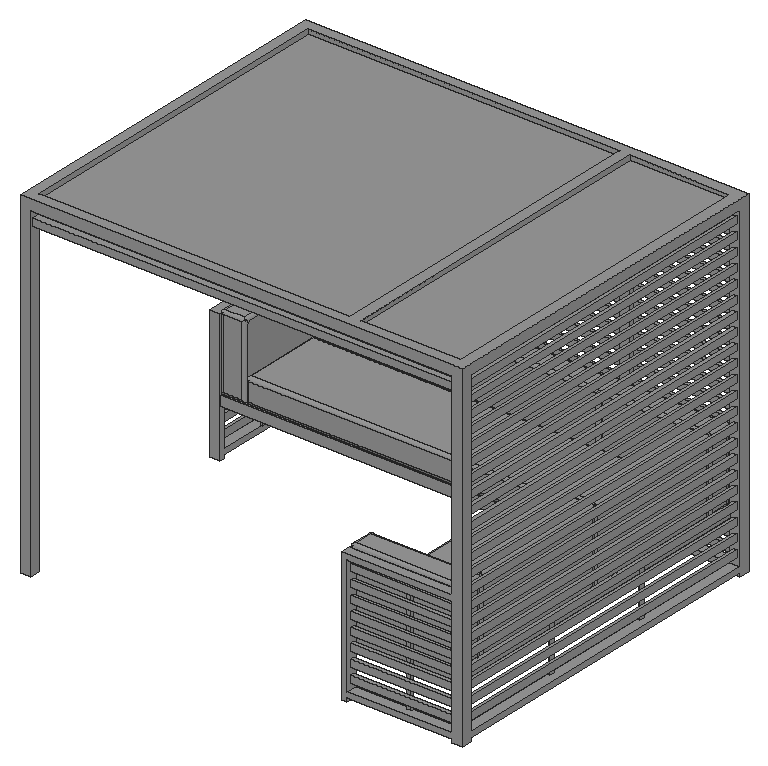
Revit family "Пергола «Параллель» 2 Арт 15935", category Антураж, Revit 2018
Family settings
  На основе рабочей плоскости = Нет
  Всегда вертикально = Да
  При загрузке вырезать с полостями = Нет
  Источник визуального образа = Геометрия семейства
  Общий = Нет
  Точка расчета площади = Нет
Parameters (values of type "Пергола «Параллель» 2. Версия без дополнительной перегородки")
  Ширина = 2610 mm  # constant formula
  Цвет реек = Дерево
  Цвет каркаса = Сталь
  Цвет дивана = Ткань
  С перегородкой = no
  Описание = if(С перегородкой, "Пергола «Параллель» 2. Версия с перегородкой", "Пергола «Параллель» 2. Версия без дополнительной перегородки")  # "Пергола «Параллель» 2. Версия без дополнительной перегородки"
  Материал изделия = "Сталь, дерево, текстиль"  # constant formula
  Изображение типоразмера = Пергола «Параллель» 2 Арт 15935 без дополнительной перегородки.jpg
  Изготовитель = "ООО «Хоббика»"  # constant formula
  Длина = 2110 mm  # constant formula
  Группа модели = "Навесы, перголы и ротонды"  # constant formula
  Высота = 2000 mm  # constant formula
  Без дополнительной перегородки = not(С перегородкой)  # yes
  Артикул товара = "Арт. 15935"  # constant formula
  URL = "https://hobbyka.ru/product/pergola_parallel_2/"
Types (3, lengths in mm): name | С перегородкой | Описание | Изображение типоразмера | Без дополнительной перегородки
  (no name) | no | "Пергола «Параллель» 2. Версия без дополнительной перегородки" | Пергола «Параллель» 2 Арт 15935 без дополнительной перегородки.jpg | yes
  Пергола «Параллель» 2. Версия с перегородкой | yes | "Пергола «Параллель» 2. Версия с перегородкой" | Пергола «Параллель» 2 Арт 15935 с перегородкой.jpg | no
  Пергола «Параллель» 2. Версия без дополнительной перегородки | no | "Пергола «Параллель» 2. Версия без дополнительной перегородки" | Пергола «Параллель» 2 Арт 15935 без дополнительной перегородки.jpg | yes
Reference planes
  plane 1 "По центру (Вперед/Назад)": y = 0
  plane 2: z = 0
  plane 3 "По центру (Влево/Вправо)": x = 0
  plane 4: y = 2110
  plane 5: x = 2610
  plane 6: z = 2000
Forms (mm)
  Extrusion 1, solid, material "Сталь" <- "Цвет каркаса"
    sketch origin (0, 0, 0) x (0, 1, 0) y (0, 0, 1)
      loop
        line (2110, 0) -> (2110, 2000) -> (0, 2000) -> (0, 0) -> (60, 0) -> (60, 1940) -> (2050, 1940) -> (2050, 0) -> (2110, 0)
    from 0 to 60
  Extrusion 2, solid, material "Сталь" <- "Цвет каркаса"
    sketch origin (0, 0, 0) x (0, 1, 0) y (0, 0, 1)
      loop
        line (2110, 0) -> (2110, 2000) -> (0, 2000) -> (0, 0) -> (60, 0) -> (60, 1940) -> (2050, 1940) -> (2050, 0) -> (2110, 0)
    from 2550 to 2610
  Extrusion 3, solid, material "Сталь" <- "Цвет каркаса"
    sketch origin (0, 0, 0) x (0, 1, 0) y (0, 0, 1)
      loop
        line (2110, 0) -> (2110, 2000) -> (0, 2000) -> (0, 1940) -> (2050, 1940) -> (2050, 0) -> (2110, 0)
    from 1900 to 1960
  Extrusion 4, solid, material "Сталь" <- "Цвет каркаса"
    sketch origin (0, 0, 0) x (1, 0, 0) y (0, 1, 0)
      loop
        line (0, 2110) -> (0, 2050) -> (2610, 2050) -> (2610, 2110) -> (0, 2110)
      loop
        line (2610, 0) -> (2610, 60) -> (0, 60) -> (0, 0) -> (2610, 0)
    from 1940 to 2000
  Extrusion 5, solid, material "Сталь" <- "Цвет каркаса"
    sketch origin (0, 0, 0) x (1, 0, 0) y (0, 0, 1)
      loop
        line (2550, 20) -> (2550, 50) -> (1930, 50) -> (1930, 750) -> (2550, 750) -> (2550, 780) -> (1898.983, 780) -> (1898.983, 0) -> (1930, 0) -> (1930, 20) -> (2550, 20)
    from 0 to -60
  Extrusion 6, solid, material "Сталь" <- "Цвет каркаса"
    sketch origin (0, 0, 0) x (1, 0, 0) y (0, 1, 0)
      loop
        line (0, 2110) -> (0, 2050) -> (2550, 2050) -> (2550, 0) -> (2610, 0) -> (2610, 2110) -> (0, 2110)
    from 20 to 50
  Extrusion 7, solid, material "Сталь" <- "Цвет каркаса"
    sketch origin (0, 0, 0) x (1, 0, 0) y (0, 1, 0)
      loop
        line (60, 1400) -> (1900, 1400) -> (1900, 60) -> (2550, 60) -> (2550, 2050) -> (60, 2050) -> (60, 1400)
      loop
        line (90, 1430) -> (1930, 1430) -> (1930, 90) -> (2520, 90) -> (2520, 2020) -> (90, 2020) -> (90, 1430)
    from 290 to 350
  Extrusion 8, solid, material "Сталь" <- "Цвет каркаса"
    sketch origin (0, 0, 0) x (0, 1, 0) y (0, 0, 1)
      loop
        line (1400, 290) -> (1400, 0) -> (1430, 0) -> (1430, 20) -> (2050, 20) -> (2050, 50) -> (1430, 50) -> (1430, 290) -> (1400, 290)
    from 1900 to 1960
  Extrusion 9, solid, material "Сталь" <- "Цвет каркаса"
    sketch origin (0, 0, 0) x (1, 0, 0) y (0, 1, 0)
      loop
        line (2242.5, 60) -> (2242.5, 50) -> (2267.5, 50) -> (2267.5, 60) -> (2242.5, 60)
      loop
        line (50, 1737.5) -> (50, 1712.5) -> (60, 1712.5) -> (60, 1737.5) -> (50, 1737.5)
    from 50 to 750
  Extrusion 10, solid, material "Сталь" <- "Цвет каркаса"
    sketch origin (0, 0, 0) x (1, 0, 0) y (0, 1, 0)
      loop
        line (654.833, 2060) -> (654.833, 2050) -> (679.833, 2050) -> (679.833, 2060) -> (654.833, 2060)
      loop
        line (1280.167, 2060) -> (1280.167, 2050) -> (1305.167, 2050) -> (1305.167, 2060) -> (1280.167, 2060)
      loop
        line (2242.5, 2060) -> (2242.5, 2050) -> (2267.5, 2050) -> (2267.5, 2060) -> (2242.5, 2060)
      loop
        line (2550, 1399.167) -> (2550, 1374.167) -> (2560, 1374.167) -> (2560, 1399.167) -> (2550, 1399.167)
      loop
        line (2550, 735.833) -> (2550, 710.833) -> (2560, 710.833) -> (2560, 735.833) -> (2550, 735.833)
    from 50 to 350
  Extrusion 11, solid, material "Дерево" <- "Цвет реек"
    sketch origin (0, 0, 0) x (1, 0, 0) y (0, 1, 0)
      loop
        line (60, 2050) -> (60, 60) -> (1900, 60) -> (1900, 2050) -> (60, 2050)
      loop
        line (1960, 2050) -> (1960, 60) -> (2550, 60) -> (2550, 2050) -> (1960, 2050)
    from 1950 to 1975
  Extrusion 12, solid, material "Дерево" <- "Цвет реек"
    sketch origin (0, 0, 0) x (1, 0, 0) y (0, 1, 0)
      loop
        line (10, 2050) -> (10, 60) -> (50, 60) -> (50, 2050) -> (10, 2050)
      loop
        line (60, 50) -> (60, 10) -> (2550, 10) -> (2550, 50) -> (60, 50)
    from 1856 to 1898
  Extrusion 13, solid, material "Дерево" <- "Цвет реек"
    sketch origin (0, 0, 0) x (0, 1, 0) y (0, 0, 1)
      loop
        line (2090, 1898) -> (2070, 1898) -> (2070, 1856) -> (2090, 1856) -> (2090, 1898)
      loop
        line (2090, 1814) -> (2070, 1814) -> (2070, 1772) -> (2090, 1772) -> (2090, 1814)
      loop
        line (2090, 1730) -> (2070, 1730) -> (2070, 1688) -> (2090, 1688) -> (2090, 1730)
      loop
        line (2090, 1646) -> (2070, 1646) -> (2070, 1604) -> (2090, 1604) -> (2090, 1646)
      loop
        line (2090, 1562) -> (2070, 1562) -> (2070, 1520) -> (2090, 1520) -> (2090, 1562)
      loop
        line (2090, 1478) -> (2070, 1478) -> (2070, 1436) -> (2090, 1436) -> (2090, 1478)
      loop
        line (2090, 1394) -> (2070, 1394) -> (2070, 1352) -> (2090, 1352) -> (2090, 1394)
      loop
        line (2090, 1310) -> (2070, 1310) -> (2070, 1268) -> (2090, 1268) -> (2090, 1310)
      loop
        line (2090, 1226) -> (2070, 1226) -> (2070, 1184) -> (2090, 1184) -> (2090, 1226)
      loop
        line (2090, 1142) -> (2070, 1142) -> (2070, 1100) -> (2090, 1100) -> (2090, 1142)
      loop
        line (2090, 1058) -> (2070, 1058) -> (2070, 1016) -> (2090, 1016) -> (2090, 1058)
      loop
        line (2090, 974) -> (2070, 974) -> (2070, 932) -> (2090, 932) -> (2090, 974)
      loop
        line (2090, 890) -> (2070, 890) -> (2070, 848) -> (2090, 848) -> (2090, 890)
      loop
        line (2090, 806) -> (2070, 806) -> (2070, 764) -> (2090, 764) -> (2090, 806)
      loop
        line (2090, 722) -> (2070, 722) -> (2070, 680) -> (2090, 680) -> (2090, 722)
      loop
        line (2090, 638) -> (2070, 638) -> (2070, 596) -> (2090, 596) -> (2090, 638)
      loop
        line (2090, 554) -> (2070, 554) -> (2070, 512) -> (2090, 512) -> (2090, 554)
      loop
        line (2090, 470) -> (2070, 470) -> (2070, 428) -> (2090, 428) -> (2090, 470)
      loop
        line (2090, 386) -> (2070, 386) -> (2070, 344) -> (2090, 344) -> (2090, 386)
      loop
        line (2090, 302) -> (2070, 302) -> (2070, 260) -> (2090, 260) -> (2090, 302)
      loop
        line (2090, 218) -> (2070, 218) -> (2070, 176) -> (2090, 176) -> (2090, 218)
      loop
        line (2090, 134) -> (2070, 134) -> (2070, 92) -> (2090, 92) -> (2090, 134)
    from 60 to 1898.983
  Extrusion 14, solid, material "Дерево" <- "Цвет реек"
    sketch origin (0, 0, 0) x (0, 1, 0) y (0, 0, 1)
      loop
        line (2090, 1898) -> (2070, 1898) -> (2070, 1856) -> (2090, 1856) -> (2090, 1898)
      loop
        line (2090, 1814) -> (2070, 1814) -> (2070, 1772) -> (2090, 1772) -> (2090, 1814)
      loop
        line (2090, 1730) -> (2070, 1730) -> (2070, 1688) -> (2090, 1688) -> (2090, 1730)
      loop
        line (2090, 1646) -> (2070, 1646) -> (2070, 1604) -> (2090, 1604) -> (2090, 1646)
      loop
        line (2090, 1562) -> (2070, 1562) -> (2070, 1520) -> (2090, 1520) -> (2090, 1562)
      loop
        line (2090, 1478) -> (2070, 1478) -> (2070, 1436) -> (2090, 1436) -> (2090, 1478)
      loop
        line (2090, 1394) -> (2070, 1394) -> (2070, 1352) -> (2090, 1352) -> (2090, 1394)
      loop
        line (2090, 1310) -> (2070, 1310) -> (2070, 1268) -> (2090, 1268) -> (2090, 1310)
      loop
        line (2090, 1226) -> (2070, 1226) -> (2070, 1184) -> (2090, 1184) -> (2090, 1226)
      loop
        line (2090, 1142) -> (2070, 1142) -> (2070, 1100) -> (2090, 1100) -> (2090, 1142)
      loop
        line (2090, 1058) -> (2070, 1058) -> (2070, 1016) -> (2090, 1016) -> (2090, 1058)
      loop
        line (2090, 974) -> (2070, 974) -> (2070, 932) -> (2090, 932) -> (2090, 974)
      loop
        line (2090, 890) -> (2070, 890) -> (2070, 848) -> (2090, 848) -> (2090, 890)
      loop
        line (2090, 806) -> (2070, 806) -> (2070, 764) -> (2090, 764) -> (2090, 806)
      loop
        line (2090, 722) -> (2070, 722) -> (2070, 680) -> (2090, 680) -> (2090, 722)
      loop
        line (2090, 638) -> (2070, 638) -> (2070, 596) -> (2090, 596) -> (2090, 638)
      loop
        line (2090, 554) -> (2070, 554) -> (2070, 512) -> (2090, 512) -> (2090, 554)
      loop
        line (2090, 470) -> (2070, 470) -> (2070, 428) -> (2090, 428) -> (2090, 470)
      loop
        line (2090, 386) -> (2070, 386) -> (2070, 344) -> (2090, 344) -> (2090, 386)
      loop
        line (2090, 302) -> (2070, 302) -> (2070, 260) -> (2090, 260) -> (2090, 302)
      loop
        line (2090, 218) -> (2070, 218) -> (2070, 176) -> (2090, 176) -> (2090, 218)
      loop
        line (2090, 134) -> (2070, 134) -> (2070, 92) -> (2090, 92) -> (2090, 134)
    from 1960 to 2550
  Extrusion 15, solid, material "Дерево" <- "Цвет реек"
    sketch origin (0, -2050, 0) x (0, 1, 0) y (0, 0, 1)
      loop
        line (2090, 722) -> (2070, 722) -> (2070, 680) -> (2090, 680) -> (2090, 722)
      loop
        line (2090, 638) -> (2070, 638) -> (2070, 596) -> (2090, 596) -> (2090, 638)
      loop
        line (2090, 554) -> (2070, 554) -> (2070, 512) -> (2090, 512) -> (2090, 554)
      loop
        line (2090, 470) -> (2070, 470) -> (2070, 428) -> (2090, 428) -> (2090, 470)
      loop
        line (2090, 386) -> (2070, 386) -> (2070, 344) -> (2090, 344) -> (2090, 386)
      loop
        line (2090, 302) -> (2070, 302) -> (2070, 260) -> (2090, 260) -> (2090, 302)
      loop
        line (2090, 218) -> (2070, 218) -> (2070, 176) -> (2090, 176) -> (2090, 218)
      loop
        line (2090, 134) -> (2070, 134) -> (2070, 92) -> (2090, 92) -> (2090, 134)
    from 1930 to 2550
  Extrusion 16, solid, material "Дерево" <- "Цвет реек"
    sketch origin (0, 0, 0) x (1, 0, 0) y (0, 0, 1)
      loop
        line (2570, 1898) -> (2570, 1856) -> (2590, 1856) -> (2590, 1898) -> (2570, 1898)
      loop
        line (2570, 1814) -> (2570, 1772) -> (2590, 1772) -> (2590, 1814) -> (2570, 1814)
      loop
        line (2570, 1730) -> (2570, 1688) -> (2590, 1688) -> (2590, 1730) -> (2570, 1730)
      loop
        line (2570, 1646) -> (2570, 1604) -> (2590, 1604) -> (2590, 1646) -> (2570, 1646)
      loop
        line (2570, 1562) -> (2570, 1520) -> (2590, 1520) -> (2590, 1562) -> (2570, 1562)
      loop
        line (2570, 1478) -> (2570, 1436) -> (2590, 1436) -> (2590, 1478) -> (2570, 1478)
      loop
        line (2570, 1394) -> (2570, 1352) -> (2590, 1352) -> (2590, 1394) -> (2570, 1394)
      loop
        line (2570, 1310) -> (2570, 1268) -> (2590, 1268) -> (2590, 1310) -> (2570, 1310)
      loop
        line (2570, 1226) -> (2570, 1184) -> (2590, 1184) -> (2590, 1226) -> (2570, 1226)
      loop
        line (2570, 1142) -> (2570, 1100) -> (2590, 1100) -> (2590, 1142) -> (2570, 1142)
      loop
        line (2570, 1058) -> (2570, 1016) -> (2590, 1016) -> (2590, 1058) -> (2570, 1058)
      loop
        line (2570, 974) -> (2570, 932) -> (2590, 932) -> (2590, 974) -> (2570, 974)
      loop
        line (2570, 890) -> (2570, 848) -> (2590, 848) -> (2590, 890) -> (2570, 890)
      loop
        line (2570, 806) -> (2570, 764) -> (2590, 764) -> (2590, 806) -> (2570, 806)
      loop
        line (2570, 722) -> (2570, 680) -> (2590, 680) -> (2590, 722) -> (2570, 722)
      loop
        line (2570, 638) -> (2570, 596) -> (2590, 596) -> (2590, 638) -> (2570, 638)
      loop
        line (2570, 554) -> (2570, 512) -> (2590, 512) -> (2590, 554) -> (2570, 554)
      loop
        line (2570, 470) -> (2570, 428) -> (2590, 428) -> (2590, 470) -> (2570, 470)
      loop
        line (2570, 386) -> (2570, 344) -> (2590, 344) -> (2590, 386) -> (2570, 386)
      loop
        line (2570, 302) -> (2570, 260) -> (2590, 260) -> (2590, 302) -> (2570, 302)
      loop
        line (2570, 218) -> (2570, 176) -> (2590, 176) -> (2590, 218) -> (2570, 218)
      loop
        line (2570, 134) -> (2570, 92) -> (2590, 92) -> (2590, 134) -> (2570, 134)
    from -60 to -2050
  Extrusion 17, solid, material "Сталь" <- "Цвет каркаса", visible <- "С перегородкой"
    sketch origin (0, 0, 0) x (1, 0, 0) y (0, 0, 1)
      loop
        line (0, 50) -> (0, 20) -> (60, 20) -> (60, 50) -> (0, 50)
      loop
        line (60, 780) -> (0, 780) -> (0, 750) -> (60, 750) -> (60, 780)
    from -60 to -2050
  Extrusion 18, solid, material "Дерево" <- "Цвет реек", visible <- "С перегородкой"
    sketch origin (-2550, 0, 0) x (1, 0, 0) y (0, 0, 1)
      loop
        line (2570, 722) -> (2570, 680) -> (2590, 680) -> (2590, 722) -> (2570, 722)
      loop
        line (2570, 638) -> (2570, 596) -> (2590, 596) -> (2590, 638) -> (2570, 638)
      loop
        line (2570, 554) -> (2570, 512) -> (2590, 512) -> (2590, 554) -> (2570, 554)
      loop
        line (2570, 470) -> (2570, 428) -> (2590, 428) -> (2590, 470) -> (2570, 470)
      loop
        line (2570, 386) -> (2570, 344) -> (2590, 344) -> (2590, 386) -> (2570, 386)
      loop
        line (2570, 302) -> (2570, 260) -> (2590, 260) -> (2590, 302) -> (2570, 302)
      loop
        line (2570, 218) -> (2570, 176) -> (2590, 176) -> (2590, 218) -> (2570, 218)
      loop
        line (2570, 134) -> (2570, 92) -> (2590, 92) -> (2590, 134) -> (2570, 134)
    from -60 to -2050
  Extrusion 19, solid, material "Сталь" <- "Цвет каркаса", visible <- "Без дополнительной перегородки"
    sketch origin (0, 0, 0) x (0, 1, 0) y (0, 0, 1)
      loop
        line (2050, 780) -> (1400, 780) -> (1400, 0) -> (1430, 0) -> (1430, 20) -> (2050, 20) -> (2050, 50) -> (1430, 50) -> (1430, 750) -> (2050, 750) -> (2050, 780)
    from 0 to 60
  Extrusion 20, solid, material "Дерево" <- "Цвет реек", visible <- "Без дополнительной перегородки"
    sketch origin (-2550, 0, 0) x (1, 0, 0) y (0, 0, 1)
      loop
        line (2570, 722) -> (2570, 680) -> (2590, 680) -> (2590, 722) -> (2570, 722)
      loop
        line (2570, 638) -> (2570, 596) -> (2590, 596) -> (2590, 638) -> (2570, 638)
      loop
        line (2570, 554) -> (2570, 512) -> (2590, 512) -> (2590, 554) -> (2570, 554)
      loop
        line (2570, 470) -> (2570, 428) -> (2590, 428) -> (2590, 470) -> (2570, 470)
      loop
        line (2570, 386) -> (2570, 344) -> (2590, 344) -> (2590, 386) -> (2570, 386)
      loop
        line (2570, 302) -> (2570, 260) -> (2590, 260) -> (2590, 302) -> (2570, 302)
      loop
        line (2570, 218) -> (2570, 176) -> (2590, 176) -> (2590, 218) -> (2570, 218)
      loop
        line (2570, 134) -> (2570, 92) -> (2590, 92) -> (2590, 134) -> (2570, 134)
    from -1430 to -2050
Cuts and joins
  joined: Extrusion 1, Extrusion 2, Extrusion 3, Extrusion 4, Extrusion 5, Extrusion 6
Dimensions and locks
  "Ширина": plane 3 "По центру (Влево/Вправо)" to plane 5
  "Длина": plane 4 to plane 1 "По центру (Вперед/Назад)"
  "Высота": plane 6 to plane 2
  aligned and locked: level to plane 2
Automatic sketch dimensions
  Extrusion 1 sketch curve to level = 0 mm
  Extrusion 1 sketch curve to plane 1 "По центру (Вперед/Назад)" = 0 mm
  level to Extrusion 1 sketch curve = 0 mm
  Extrusion 1 sketch curve to plane 4 = 0 mm
  Extrusion 1 sketch curve to plane 6 = 0 mm
  Extrusion 1 sketch curve to plane 1 "По центру (Вперед/Назад)" = 60 mm
  Extrusion 1 sketch curve to plane 4 = 60 mm
  Extrusion 1 sketch curve to plane 6 = 60 mm
  Extrusion 2 sketch curve to level = 0 mm
  Extrusion 2 sketch curve to plane 1 "По центру (Вперед/Назад)" = 0 mm
  level to Extrusion 2 sketch curve = 0 mm
  Extrusion 2 sketch curve to plane 4 = 0 mm
  Extrusion 2 sketch curve to plane 6 = 0 mm
  Extrusion 2 sketch curve to plane 1 "По центру (Вперед/Назад)" = 60 mm
  Extrusion 2 sketch curve to plane 4 = 60 mm
  Extrusion 2 sketch curve to plane 6 = 60 mm
  Extrusion 3 sketch curve to plane 1 "По центру (Вперед/Назад)" = 0 mm
  level to Extrusion 3 sketch curve = 0 mm
  Extrusion 3 sketch curve to plane 4 = 0 mm
  Extrusion 3 sketch curve to plane 6 = 0 mm
  Extrusion 3 sketch curve to plane 4 = 60 mm
  Extrusion 3 sketch curve to plane 6 = 60 mm
  Extrusion 4 sketch curve to plane 3 "По центру (Влево/Вправо)" = 0 mm  (x2)
  Extrusion 4 sketch curve to plane 5 = 0 mm  (x2)
  plane 1 "По центру (Вперед/Назад)" to Extrusion 4 sketch curve = 0 mm
  Extrusion 4 sketch curve to plane 4 = 0 mm
  Extrusion 4 sketch curve to plane 1 "По центру (Вперед/Назад)" = 60 mm
  Extrusion 4 sketch curve to Extrusion 4 sketch curve = 60 mm
  Extrusion 5 sketch curve to level = 0 mm
  Extrusion 5 sketch curve to plane 5 = 711.017 mm
  Extrusion 5 sketch curve to Extrusion 5 sketch curve = 31.017 mm
  Extrusion 5 sketch curve to Extrusion 5 sketch curve = 0 mm
  level to Extrusion 5 sketch curve = 20 mm
  Extrusion 5 sketch curve to plane 5 = 60 mm  (x2)
  Extrusion 5 sketch curve to Extrusion 5 sketch curve = 30 mm  (x2)
  Extrusion 5 sketch curve to Extrusion 5 sketch curve = 700 mm
  Extrusion 6 sketch curve to plane 3 "По центру (Влево/Вправо)" = 0 mm
  plane 1 "По центру (Вперед/Назад)" to Extrusion 6 sketch curve = 0 mm
  plane 4 to Extrusion 6 sketch curve = 0 mm
  Extrusion 6 sketch curve to plane 5 = 0 mm
  Extrusion 6 sketch curve to plane 5 = 60 mm
  Extrusion 6 sketch curve to Extrusion 6 sketch curve = 60 mm
  plane 3 "По центру (Влево/Вправо)" to Extrusion 7 sketch curve = 60 mm
  Extrusion 7 sketch curve to Extrusion 7 sketch curve = 30 mm  (x6)
  Extrusion 7 sketch curve to plane 5 = 710 mm
  Extrusion 7 sketch curve to plane 5 = 90 mm
  Extrusion 7 sketch curve to plane 1 "По центру (Вперед/Назад)" = 60 mm
  Extrusion 7 sketch curve to plane 4 = 710 mm
  Extrusion 7 sketch curve to plane 4 = 90 mm
  Extrusion 8 sketch curve to level = 0 mm
  level to Extrusion 8 sketch curve = 290 mm
  Extrusion 8 sketch curve to plane 4 = 710 mm
  Extrusion 8 sketch curve to Extrusion 8 sketch curve = 30 mm  (x3)
  level to Extrusion 8 sketch curve = 20 mm
  Extrusion 8 sketch curve to plane 4 = 60 mm
  plane 3 "По центру (Влево/Вправо)" to Extrusion 9 sketch curve = 50 mm
  Extrusion 9 sketch curve to Extrusion 9 sketch curve = 10 mm  (x2)
  Extrusion 9 sketch curve to plane 1 "По центру (Вперед/Назад)" = 50 mm
  Extrusion 9 sketch curve to plane 5 = 367.5 mm
  Extrusion 9 sketch curve to Extrusion 9 sketch curve = 25 mm  (x2)
  Extrusion 9 sketch curve to plane 4 = 397.5 mm
  Extrusion 10 sketch curve to plane 4 = 50 mm  (x3)
  plane 3 "По центру (Влево/Вправо)" to Extrusion 10 sketch curve = 654.833 mm
  Extrusion 10 sketch curve to Extrusion 10 sketch curve = 25 mm  (x5)
  Extrusion 10 sketch curve to Extrusion 10 sketch curve = 600.333 mm
  Extrusion 10 sketch curve to plane 5 = 367.5 mm
  Extrusion 10 sketch curve to plane 5 = 60 mm  (x2)
  Extrusion 10 sketch curve to Extrusion 10 sketch curve = 10 mm  (x5)
  Extrusion 10 sketch curve to plane 4 = 710.833 mm
  Extrusion 10 sketch curve to Extrusion 10 sketch curve = 638.333 mm
  plane 3 "По центру (Влево/Вправо)" to Extrusion 11 sketch curve = 60 mm
  Extrusion 11 sketch curve to plane 1 "По центру (Вперед/Назад)" = 60 mm  (x2)
  Extrusion 11 sketch curve to plane 5 = 710 mm
  Extrusion 11 sketch curve to Extrusion 11 sketch curve = 60 mm
  Extrusion 11 sketch curve to plane 5 = 60 mm
  Extrusion 11 sketch curve to plane 4 = 60 mm  (x2)
  plane 3 "По центру (Влево/Вправо)" to Extrusion 12 sketch curve = 10 mm
  Extrusion 12 sketch curve to Extrusion 12 sketch curve = 40 mm  (x2)
  Extrusion 12 sketch curve to Extrusion 12 sketch curve = 10 mm  (x2)
  Extrusion 12 sketch curve to plane 5 = 60 mm
  Extrusion 12 sketch curve to plane 1 "По центру (Вперед/Назад)" = 10 mm
  Extrusion 12 sketch curve to plane 4 = 60 mm
  Extrusion 13 sketch curve to plane 4 = 40 mm  (x22)
  Extrusion 13 sketch curve to Extrusion 13 sketch curve = 20 mm  (x21)
  Extrusion 13 sketch curve to plane 4 = 20 mm
  level to Extrusion 13 sketch curve = 92 mm
  Extrusion 13 sketch curve to Extrusion 13 sketch curve = 42 mm  (x43)
  Extrusion 14 sketch curve to plane 4 = 40 mm  (x22)
  Extrusion 14 sketch curve to Extrusion 14 sketch curve = 20 mm  (x21)
  Extrusion 14 sketch curve to plane 4 = 20 mm
  level to Extrusion 14 sketch curve = 92 mm
  Extrusion 14 sketch curve to Extrusion 14 sketch curve = 42 mm  (x43)
  Extrusion 15 sketch curve to plane 1 "По центру (Вперед/Назад)" = 20 mm  (x8)
  Extrusion 15 sketch curve to Extrusion 15 sketch curve = 20 mm  (x8)
  level to Extrusion 15 sketch curve = 92 mm
  Extrusion 15 sketch curve to Extrusion 15 sketch curve = 42 mm  (x15)
  Extrusion 16 sketch curve to plane 5 = 40 mm  (x22)
  Extrusion 16 sketch curve to Extrusion 16 sketch curve = 20 mm  (x22)
  level to Extrusion 16 sketch curve = 92 mm
  Extrusion 16 sketch curve to Extrusion 16 sketch curve = 42 mm  (x43)
  Extrusion 17 sketch curve to plane 3 "По центру (Влево/Вправо)" = 0 mm  (x2)
  Extrusion 17 sketch curve to Extrusion 17 sketch curve = 60 mm  (x2)
  level to Extrusion 17 sketch curve = 20 mm
  Extrusion 17 sketch curve to Extrusion 17 sketch curve = 30 mm  (x2)
  Extrusion 17 sketch curve to Extrusion 17 sketch curve = 700 mm
  plane 3 "По центру (Влево/Вправо)" to Extrusion 18 sketch curve = 20 mm  (x8)
  Extrusion 18 sketch curve to Extrusion 18 sketch curve = 20 mm  (x8)
  level to Extrusion 18 sketch curve = 92 mm
  Extrusion 18 sketch curve to Extrusion 18 sketch curve = 42 mm  (x15)
  Extrusion 19 sketch curve to level = 0 mm
  Extrusion 19 sketch curve to plane 4 = 710 mm
  Extrusion 19 sketch curve to Extrusion 19 sketch curve = 30 mm  (x4)
  Extrusion 19 sketch curve to plane 4 = 60 mm  (x2)
  level to Extrusion 19 sketch curve = 20 mm
  Extrusion 19 sketch curve to Extrusion 19 sketch curve = 700 mm
  plane 3 "По центру (Влево/Вправо)" to Extrusion 20 sketch curve = 20 mm  (x8)
  Extrusion 20 sketch curve to Extrusion 20 sketch curve = 20 mm  (x8)
  level to Extrusion 20 sketch curve = 92 mm
  Extrusion 20 sketch curve to Extrusion 20 sketch curve = 42 mm  (x15)
Nested families
  nested 1: "Пергола «Параллель» 2 Арт 15935 Элемент дивана" at (60, 1400, 350), type "Пергола «Параллель» 2 Арт 15935 Элемент дивана"
    with Ширина 650 mm, Длина 150 mm, Высота H 450 mm, Высота 0 mm
  nested 2: "Пергола «Параллель» 2 Арт 15935 Элемент дивана" at (210, 1900, 350), type "Пергола «Параллель» 2 Арт 15935 Элемент дивана"
    with Ширина 150 mm, Длина 845 mm, Высота H 450 mm, Высота 0 mm
  nested 3: "Пергола «Параллель» 2 Арт 15935 Элемент дивана" at (2550, 1900, 350) x (0, 1, 0) z (0, 0, 1), type "Пергола «Параллель» 2 Арт 15935 Элемент дивана"
    with Ширина 650 mm, Длина 150 mm, Высота H 450 mm, Высота 0 mm
  nested 4: "Пергола «Параллель» 2 Арт 15935 Элемент дивана" at (2550, 60, 350) x (0, 1, 0) z (0, 0, 1), type "Пергола «Параллель» 2 Арт 15935 Элемент дивана"
    with Ширина 650 mm, Длина 150 mm, Высота H 450 mm, Высота 0 mm
  nested 5: "Пергола «Параллель» 2 Арт 15935 Элемент дивана" at (1055, 1900, 350), type "Пергола «Параллель» 2 Арт 15935 Элемент дивана"
    with Ширина 150 mm, Длина 845 mm, Высота H 450 mm, Высота 0 mm
  nested 6: "Пергола «Параллель» 2 Арт 15935 Элемент дивана" at (210, 1400, 350), type "Пергола «Параллель» 2 Арт 15935 Элемент дивана"
    with Ширина 500 mm, Длина 1690 mm, Высота H 150 mm
  nested 7: "Пергола «Параллель» 2 Арт 15935 Элемент дивана" at (2400, 1900, 350) x (0, -1, 0) z (0, 0, 1), type "Пергола «Параллель» 2 Арт 15935 Элемент дивана"
    with Ширина 150 mm, Длина 845 mm, Высота H 450 mm, Высота 0 mm
  nested 8: "Пергола «Параллель» 2 Арт 15935 Элемент дивана" at (2400, 1055, 350) x (0, -1, 0) z (0, 0, 1), type "Пергола «Параллель» 2 Арт 15935 Элемент дивана"
    with Ширина 150 mm, Длина 845 mm, Высота H 450 mm, Высота 0 mm
  nested 9: "Пергола «Параллель» 2 Арт 15935 Элемент дивана" at (1900, 1900, 350) x (0, -1, 0) z (0, 0, 1), type "Пергола «Параллель» 2 Арт 15935 Элемент дивана"
    with Ширина 500 mm, Длина 1690 mm, Высота H 150 mm
Definition of nested family "Пергола «Параллель» 2 Арт 15935 Элемент дивана"
  Parameters (values of type "Пергола «Параллель» 2 Арт 15935 Элемент дивана")
    Ширина [instance] = 500 mm
    Цвет дивана = none
    Длина [instance] = 500 mm
    Height = 500 mm
    Высота H [instance] = 500 mm
  Reference planes
    plane 1 "По центру (Вперед/Назад)": y = 0
    plane 2: z = 0
    plane 3 "По центру (Влево/Вправо)": x = 0
    plane 4: y = 500
    plane 5: x = 500
    plane 6: z = 500
  Forms (mm)
    Extrusion 1, solid, material <- "Цвет дивана"
      sketch origin (0, 0, 0) x (1, 0, 0) y (0, 1, 0)
        loop
          line (0, 500) -> (0, 0) -> (500, 0) -> (500, 500) -> (0, 500)
      from 0 to 500
    Sweep 2, void
      path origin (0, 0, 0) x (1, 0, 0) y (0, 1, 0)
        loop
          line (0, 500) -> (0, 0) -> (500, 0) -> (500, 500) -> (0, 500)
      profile origin (250, 500, 0) x (0, 1, 0) y (0, 0, 1)
        loop
          line (0, 500) -> (-20, 500)
          arc (-20, 500) -> (-5.858, 494.142) -> (0, 480) r 20
          line (0, 480) -> (0, 500)
        loop
          line (0, 0) -> (0, 20)
          arc (0, 20) -> (-5.858, 5.858) -> (-20, 0) r 20
          line (-20, 0) -> (0, 0)
    Sweep 3, void
      path origin (0, 0, 0) x (0, 1, 0) y (0, 0, 1)
        loop
          line (500, 500) -> (500, 0)
      profile origin (0, 500, 250) x (1, 0, 0) y (0, 1, 0)
        loop
          line (0, 0) -> (0, -20)
          arc (0, -20) -> (5.858, -5.858) -> (20, 0) r 20
          line (20, 0) -> (0, 0)
        loop
          line (500, 0) -> (480, 0)
          arc (480, 0) -> (494.142, -5.858) -> (500, -20) r 20
          line (500, -20) -> (500, 0)
        loop
          line (0, -500) -> (20, -500)
          arc (20, -500) -> (5.858, -494.142) -> (0, -480) r 20
          line (0, -480) -> (0, -500)
        loop
          line (500, -500) -> (500, -480)
          arc (500, -480) -> (494.142, -494.142) -> (480, -500) r 20
          line (480, -500) -> (500, -500)
  Cuts and joins
    Sweep 2, Sweep 3 cuts Extrusion 1
  Dimensions and locks
    "Длина": plane 3 "По центру (Влево/Вправо)" to plane 5
    "Ширина": plane 4 to plane 1 "По центру (Вперед/Назад)"
    "Высота H": plane 6 to level
    aligned and locked: level to plane 2
    aligned and locked: Extrusion 1 sketch curve to plane 4
    aligned and locked: plane 3 "По центру (Влево/Вправо)" to Extrusion 1 sketch curve
    aligned and locked: Extrusion 1 sketch curve to plane 1 "По центру (Вперед/Назад)"
    aligned and locked: Extrusion 1 sketch curve to plane 5
    aligned and locked: Sweep 2 sketch curve to Extrusion 1  (x4)
    aligned and locked: plane 6 to Extrusion 1
    aligned and locked: Sweep 2 sketch curve to plane 6
    aligned and locked: plane 4 to Sweep 3 sketch curve  (x2)
    aligned and locked: plane 6 to Sweep 3 sketch curve
    aligned and locked: level to Sweep 3 sketch curve
    aligned and locked: profile plane to Sweep 3 sketch curve
    aligned and locked: plane 3 "По центру (Влево/Вправо)" to Sweep 3 sketch curve
    aligned and locked: plane 5 to Sweep 3 sketch curve
    aligned and locked: plane 1 "По центру (Вперед/Назад)" to Sweep 3 sketch curve
    aligned and locked: Sweep 3 sketch curve to plane 3 "По центру (Влево/Вправо)"
    aligned and locked: Sweep 3 sketch curve to plane 5
    aligned and locked: Sweep 3 sketch curve to plane 1 "По центру (Вперед/Назад)"
  Automatic sketch dimensions
    Sweep 2 sketch curve to level = 0 mm
    Sweep 2 sketch curve to profile plane = 0 mm  (x2)
    level to Sweep 2 sketch curve = 20 mm
    Sweep 2 sketch curve to Sweep 2 sketch curve = 20 mm
    plane 3 "По центру (Влево/Вправо)" to Sweep 3 sketch curve = 20 mm
    Sweep 3 sketch curve to Sweep 3 sketch curve = 20 mm  (x2)
    Sweep 3 sketch curve to Sweep 3 sketch curve = 0 mm
